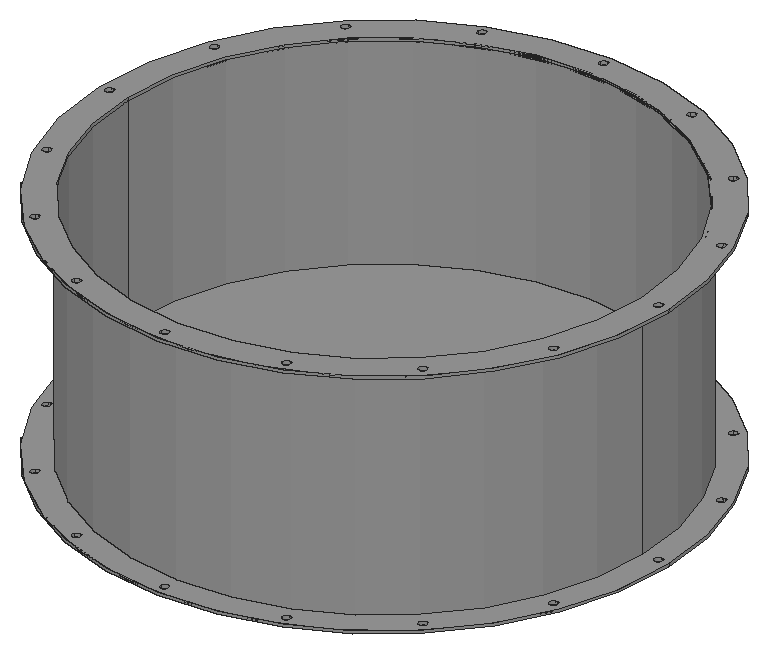
Revit family "КОМ-ВО_Eng", category Duct Accessories, Revit 2021
Family settings
  Round Connector Dimension = Use Diameter
  Part Type = Attaches To
  Work Plane-Based = No
  Always vertical = Yes
  Cut with Voids When Loaded = No
  Shared = No
Parameters (values of type "KOM-VO-1000")
  Weight = 36.90 kg
  Load Classification = "HVAC"
  Length = L  # 450 mm
  Diameter = D2  # 1110 mm
  Default Elevation = 0 mm
  Manufacturer = "Vents"  # constant formula
  t = L - 5 mm  # 445 mm
  n = 16
  l = L / 2  # 225 mm
  d = 15 mm
  URL = "https://ventilation-system.com/series/kom-vo"
  R1 = D1 / 2  # 535 mm
  Maintenance zone material = none
  L = 450 mm
  Dy = 1000 mm
  Dn = Dy + 10 mm  # 1010 mm
  D2 = 1110 mm
  D1 = 1070 mm
  Casing Material = Metal, painted, blue, matte RAL 5007
  09_System_Name [instance] = ""
  00_20_Type = "KOM-VO-1000"
  00_20_Name = "Backdraft damper"  # constant formula
  00_20_Manufacturer = "Vents"  # constant formula
Types (12, lengths in mm): name | Weight | Length | Diameter | t | n | l | d | R1 | L | Dy | Dn | D2 | D1 | 00_20_Type
  (no name) | 36.90 kg | 450 | 1110 | 445 | 16 | 225 | 15 | 535 | 450 | 1000 | 1010 | 1110 | 1070 | "KOM-VO-1000"
  KOM-VO-400 | 5.40 kg | 250 | 490 | 245 | 12 | 125 | 8 | 225 | 250 | 400 | 410 | 490 | 450 | "KOM-VO-400"
  KOM-VO-450 | 6.20 kg | 250 | 540 | 245 | 12 | 125 | 8 | 250 | 250 | 450 | 460 | 540 | 500 | "KOM-VO-450"
  KOM-VO-500 | 7.10 kg | 250 | 590 | 245 | 12 | 125 | 12 | 280 | 250 | 500 | 510 | 590 | 560 | "KOM-VO-500"
  KOM-VO-560 | 9.60 kg | 320 | 650 | 315 | 12 | 160 | 12 | 310 | 320 | 560 | 570 | 650 | 620 | "KOM-VO-560"
  KOM-VO-630 | 14.20 kg | 370 | 720 | 365 | 12 | 185 | 12 | 345 | 370 | 630 | 640 | 720 | 690 | "KOM-VO-630"
  KOM-VO-710 | 21.40 kg | 390 | 810 | 385 | 16 | 195 | 12 | 385 | 390 | 710 | 720 | 810 | 770 | "KOM-VO-710"
  KOM-VO-800 | 25.40 kg | 390 | 900 | 385 | 16 | 195 | 12 | 430 | 390 | 800 | 810 | 900 | 860 | "KOM-VO-800"
  KOM-VO-900 | 32.60 kg | 450 | 1010 | 445 | 16 | 225 | 15 | 485 | 450 | 900 | 910 | 1010 | 970 | "KOM-VO-900"
  KOM-VO-1000 | 36.90 kg | 450 | 1110 | 445 | 16 | 225 | 15 | 535 | 450 | 1000 | 1010 | 1110 | 1070 | "KOM-VO-1000"
  KOM-VO-1120 | 59.50 kg | 540 | 1260 | 535 | 20 | 270 | 15 | 595 | 540 | 1120 | 1130 | 1260 | 1190 | "KOM-VO-1120"
  KOM-VO-1250 | 67.40 kg | 540 | 1390 | 535 | 20 | 270 | 15 | 660 | 540 | 1250 | 1260 | 1390 | 1320 | "KOM-VO-1250"
Reference planes
  plane 1 "По центру (Вперед/Назад)": y = 0
  plane 2: z = 0
  plane 3 "По центру (Влево/Вправо)": x = 0
  plane 4: z = 450
  plane 5: z = 50
Forms (mm)
  Extrusion 1, solid, material "Metal, painted, blue, matte RAL 5007" <- "Casing Material"
    sketch origin (0, 0, 0) x (1, 0, 0) y (0, 1, 0)
      loop
        circle (0, 0) r 500
      loop
        circle (0, 0) r 555
    from 0 to 5
  Extrusion 2, void
    sketch origin (0, 313.787, 0) x (1, 0, 0) y (0, 1, 0)
      loop
        circle (0, 221.213) r 7.5
    from 0 to 5
  Extrusion 3, void
    sketch origin (120.081, 289.902, 0) x (0.92388, -0.382683, 0) y (0.382683, 0.92388, 0)
      loop
        circle (0, 221.213) r 7.5
    from 0 to 5
  Extrusion 4, void
    sketch origin (-120.081, 289.902, 0) x (0.92388, 0.382683, 0) y (-0.382683, 0.92388, 0)
      loop
        circle (0, 221.213) r 7.5
    from 0 to 5
  Extrusion 5, void
    sketch origin (-221.881, 221.881, 0) x (0.707107, 0.707107, 0) y (-0.707107, 0.707107, 0)
      loop
        circle (0, 221.213) r 7.5
    from 0 to 5
  Extrusion 6, void
    sketch origin (-289.902, 120.081, 0) x (0.382683, 0.92388, 0) y (-0.92388, 0.382683, 0)
      loop
        circle (0, 221.213) r 7.5
    from 0 to 5
  Extrusion 7, void
    sketch origin (-313.787, 0, 0) x (0, 1, 0) y (-1, 0, 0)
      loop
        circle (0, 221.213) r 7.5
    from 0 to 5
  Extrusion 8, void
    sketch origin (-289.902, -120.081, 0) x (-0.382683, 0.92388, 0) y (-0.92388, -0.382683, 0)
      loop
        circle (0, 221.213) r 7.5
    from 0 to 5
  Extrusion 9, void
    sketch origin (-221.881, -221.881, 0) x (-0.707107, 0.707107, 0) y (-0.707107, -0.707107, 0)
      loop
        circle (0, 221.213) r 7.5
    from 0 to 5
  Extrusion 10, void
    sketch origin (-120.081, -289.902, 0) x (-0.92388, 0.382683, 0) y (-0.382683, -0.92388, 0)
      loop
        circle (0, 221.213) r 7.5
    from 0 to 5
  Extrusion 11, void
    sketch origin (0, -313.787, 0) x (-1, 0, 0) y (0, -1, 0)
      loop
        circle (0, 221.213) r 7.5
    from 0 to 5
  Extrusion 12, void
    sketch origin (120.081, -289.902, 0) x (-0.92388, -0.382683, 0) y (0.382683, -0.92388, 0)
      loop
        circle (0, 221.213) r 7.5
    from 0 to 5
  Extrusion 13, void
    sketch origin (221.881, -221.881, 0) x (-0.707107, -0.707107, 0) y (0.707107, -0.707107, 0)
      loop
        circle (0, 221.213) r 7.5
    from 0 to 5
  Extrusion 14, solid, material "Metal, painted, blue, matte RAL 5007" <- "Casing Material"
    sketch origin (0, 0, 0) x (1, 0, 0) y (0, 1, 0)
      loop
        circle (0, 0) r 500
      loop
        circle (0, 0) r 505
    from 5 to 445 <- "t"
  Extrusion 15, solid, material "Metal, painted, blue, matte RAL 5007" <- "Casing Material"
    sketch origin (0, 0, 0) x (1, 0, 0) y (0, 1, 0)
      loop
        circle (0, 0) r 500
      loop
        circle (0, 0) r 555
    from 445 to 450
  Extrusion 16, void
    sketch origin (0, 313.053, 0) x (1, 0, 0) y (0, 1, 0)
      loop
        circle (0, 221.947) r 7.5
    from 445 <- "t" to 450 <- "L"
  Extrusion 17, void
    sketch origin (119.8, 289.224, 0) x (0.92388, -0.382683, 0) y (0.382683, 0.92388, 0)
      loop
        circle (0, 221.947) r 7.5
    from 445 <- "t" to 450 <- "L"
  Extrusion 18, void
    sketch origin (-119.8, 289.224, 0) x (0.92388, 0.382683, 0) y (-0.382683, 0.92388, 0)
      loop
        circle (0, 221.947) r 7.5
    from 445 <- "t" to 450 <- "L"
  Extrusion 19, void
    sketch origin (-221.362, 221.362, 0) x (0.707107, 0.707107, 0) y (-0.707107, 0.707107, 0)
      loop
        circle (0, 221.947) r 7.5
    from 445 <- "t" to 450 <- "L"
  Extrusion 20, void
    sketch origin (-289.224, 119.8, 0) x (0.382683, 0.92388, 0) y (-0.92388, 0.382683, 0)
      loop
        circle (0, 221.947) r 7.5
    from 445 <- "t" to 450 <- "L"
  Extrusion 21, void
    sketch origin (-313.053, 0, 0) x (0, 1, 0) y (-1, 0, 0)
      loop
        circle (0, 221.947) r 7.5
    from 445 <- "t" to 450 <- "L"
  Extrusion 22, void
    sketch origin (-289.224, -119.8, 0) x (-0.382683, 0.92388, 0) y (-0.92388, -0.382683, 0)
      loop
        circle (0, 221.947) r 7.5
    from 445 <- "t" to 450 <- "L"
  Extrusion 23, void
    sketch origin (-221.362, -221.362, 0) x (-0.707107, 0.707107, 0) y (-0.707107, -0.707107, 0)
      loop
        circle (0, 221.947) r 7.5
    from 445 <- "t" to 450 <- "L"
  Extrusion 24, void
    sketch origin (-119.8, -289.224, 0) x (-0.92388, 0.382683, 0) y (-0.382683, -0.92388, 0)
      loop
        circle (0, 221.947) r 7.5
    from 445 <- "t" to 450 <- "L"
  Extrusion 25, void
    sketch origin (0, -313.053, 0) x (-1, 0, 0) y (0, -1, 0)
      loop
        circle (0, 221.947) r 7.5
    from 445 <- "t" to 450 <- "L"
  Extrusion 26, void
    sketch origin (119.8, -289.224, 0) x (-0.92388, -0.382683, 0) y (0.382683, -0.92388, 0)
      loop
        circle (0, 221.947) r 7.5
    from 445 <- "t" to 450 <- "L"
  Extrusion 27, void
    sketch origin (221.362, -221.362, 0) x (-0.707107, -0.707107, 0) y (0.707107, -0.707107, 0)
      loop
        circle (0, 221.947) r 7.5
    from 445 <- "t" to 450 <- "L"
  Extrusion 28, void
    sketch origin (289.902, -120.081, 0) x (-0.382683, -0.92388, 0) y (0.92388, -0.382683, 0)
      loop
        circle (0, 221.213) r 7.5
    from 0 to 5
  Extrusion 29, void
    sketch origin (313.787, 0, 0) x (0, -1, 0) y (1, 0, 0)
      loop
        circle (0, 221.213) r 7.5
    from 0 to 5
  Extrusion 30, void
    sketch origin (289.902, 120.081, 0) x (0.382683, -0.92388, 0) y (0.92388, 0.382683, 0)
      loop
        circle (0, 221.213) r 7.5
    from 0 to 5
  Extrusion 31, void
    sketch origin (221.881, 221.881, 0) x (0.707107, -0.707107, 0) y (0.707107, 0.707107, 0)
      loop
        circle (0, 221.213) r 7.5
    from 0 to 5
  Extrusion 32, void
    sketch origin (289.224, -119.8, 0) x (-0.382683, -0.92388, 0) y (0.92388, -0.382683, 0)
      loop
        circle (0, 221.947) r 7.5
    from 445 <- "t" to 450 <- "L"
  Extrusion 33, void
    sketch origin (313.053, 0, 0) x (0, -1, 0) y (1, 0, 0)
      loop
        circle (0, 221.947) r 7.5
    from 445 <- "t" to 450 <- "L"
  Extrusion 34, void
    sketch origin (289.224, 119.8, 0) x (0.382683, -0.92388, 0) y (0.92388, 0.382683, 0)
      loop
        circle (0, 221.947) r 7.5
    from 445 <- "t" to 450 <- "L"
  Extrusion 35, void
    sketch origin (221.362, 221.362, 0) x (0.707107, -0.707107, 0) y (0.707107, 0.707107, 0)
      loop
        circle (0, 221.947) r 7.5
    from 445 <- "t" to 450 <- "L"
  Extrusion 36, solid, material "Metal, painted, blue, matte RAL 5007" <- "Casing Material"
    sketch origin (0, 0, 0) x (1, 0, 0) y (0, 1, 0)
      loop
        circle (0, 0) r 500
    from 50 to 55
Cuts and joins
  Extrusion 2, Extrusion 3, Extrusion 4, Extrusion 5, Extrusion 6, Extrusion 7, Extrusion 8, Extrusion 9, Extrusion 10, Extrusion 11, Extrusion 12, Extrusion 13, Extrusion 28, Extrusion 29, Extrusion 30, Extrusion 31 cuts Extrusion 1
  Extrusion 16, Extrusion 17, Extrusion 18, Extrusion 19, Extrusion 20, Extrusion 21, Extrusion 22, Extrusion 23, Extrusion 24, Extrusion 25, Extrusion 26, Extrusion 27, Extrusion 32, Extrusion 33, Extrusion 34, Extrusion 35 cuts Extrusion 15
Dimensions and locks
  "L": level to plane 4
  locked: Extrusion 1 to Extrusion 1 at 5
  locked: Extrusion 15 to Extrusion 15 at 5
  locked: plane 5 to level at 50
  locked: Extrusion 36 to plane 5 at 5
  "Dy": diameter of Extrusion 1 sketch curve
  "D2": diameter of Extrusion 1 sketch curve
  "d": diameter of Extrusion 2 sketch curve
  "d": diameter of Extrusion 3 sketch curve
  "d": diameter of Extrusion 4 sketch curve
  "d": diameter of Extrusion 5 sketch curve
  "d": diameter of Extrusion 6 sketch curve
  "d": diameter of Extrusion 7 sketch curve
  "d": diameter of Extrusion 8 sketch curve
  "d": diameter of Extrusion 9 sketch curve
  "d": diameter of Extrusion 10 sketch curve
  "d": diameter of Extrusion 11 sketch curve
  "d": diameter of Extrusion 12 sketch curve
  "d": diameter of Extrusion 13 sketch curve
  "R1": radius of radial array  (x2)
  "Dn": diameter of Extrusion 14 sketch curve
  "Dy": diameter of Extrusion 14 sketch curve
  "Dy": diameter of Extrusion 15 sketch curve
  "D2": diameter of Extrusion 15 sketch curve
  "d": diameter of Extrusion 16 sketch curve
  "d": diameter of Extrusion 17 sketch curve
  "d": diameter of Extrusion 18 sketch curve
  "d": diameter of Extrusion 19 sketch curve
  "d": diameter of Extrusion 20 sketch curve
  "d": diameter of Extrusion 21 sketch curve
  "d": diameter of Extrusion 22 sketch curve
  "d": diameter of Extrusion 23 sketch curve
  "d": diameter of Extrusion 24 sketch curve
  "d": diameter of Extrusion 25 sketch curve
  "d": diameter of Extrusion 26 sketch curve
  "d": diameter of Extrusion 27 sketch curve
  "d": diameter of Extrusion 28 sketch curve
  "d": diameter of Extrusion 29 sketch curve
  "d": diameter of Extrusion 30 sketch curve
  "d": diameter of Extrusion 31 sketch curve
  "d": diameter of Extrusion 32 sketch curve
  "d": diameter of Extrusion 33 sketch curve
  "d": diameter of Extrusion 34 sketch curve
  "d": diameter of Extrusion 35 sketch curve
  "Dy": diameter of Extrusion 36 sketch curve
  aligned and locked: level to plane 2
  aligned and locked: Extrusion 14 to cut or joined group 1 (Extrusion 1, Extrusion 2, Extrusion 3, Extrusion 4, Extrusion 5, Extrusion 6, Extrusion 7, Extrusion 8, Extrusion 9, Extrusion 10, Extrusion 11, Extrusion 12, Extrusion 13, Extrusion 28, Extrusion 29, Extrusion 30, Extrusion 31)
  aligned and locked: Extrusion 15 to plane 4
Automatic sketch dimensions
  Extrusion 1 sketch curve to Extrusion 1 sketch curve = 0 mm  (x2)
  plane 1 "По центру (Вперед/Назад)" to Extrusion 1 sketch curve = 0 mm
  Extrusion 1 sketch curve to plane 3 "По центру (Влево/Вправо)" = 0 mm
  Extrusion 14 sketch curve to Extrusion 14 sketch curve = 0 mm  (x2)
  plane 1 "По центру (Вперед/Назад)" to Extrusion 14 sketch curve = 0 mm
  Extrusion 14 sketch curve to plane 3 "По центру (Влево/Вправо)" = 0 mm
  Extrusion 15 sketch curve to Extrusion 15 sketch curve = 0 mm  (x2)
  plane 1 "По центру (Вперед/Назад)" to Extrusion 15 sketch curve = 0 mm
  Extrusion 15 sketch curve to plane 3 "По центру (Влево/Вправо)" = 0 mm
  plane 1 "По центру (Вперед/Назад)" to Extrusion 36 sketch curve = 0 mm
  Extrusion 36 sketch curve to plane 3 "По центру (Влево/Вправо)" = 0 mm
Connectors
  hvac at (0, 0, 450), driven by "Dy"
    settings: on cut or joined group of Extrusion 15, Extrusion 16, Extrusion 17, Extrusion 18, Extrusion 19, Extrusion 20, Extrusion 21, Extrusion 22, Extrusion 23, Extrusion 24, Extrusion 25, Extrusion 26, Extrusion 27, Extrusion 32, Extrusion 33, Extrusion 34, Extrusion 35, index 1, duct flow 0.0 L/s, flow factor 0, pres drop 0.0 Pa, loss coef 0, conn angle 0.00°, conn width 304.8 mm, conn height 304.8 mm, conn diameter 1000 mm, duct sys type 3, conn prof type 0, flow config 0, flow direction 0, loss method 0, conn ref index -1, conn util no, is conn primary yes, conn desc ""
  hvac at (0, 0, 0), driven by "Dy"
    settings: on cut or joined group 1, index 2, duct flow 0.0 L/s, flow factor 0, pres drop 0.0 Pa, loss coef 0, conn angle 0.00°, conn width 304.8 mm, conn height 304.8 mm, conn diameter 1000 mm, duct sys type 3, conn prof type 0, flow config 0, flow direction 0, loss method 0, conn ref index -1, conn util no, is conn primary no, conn desc ""
